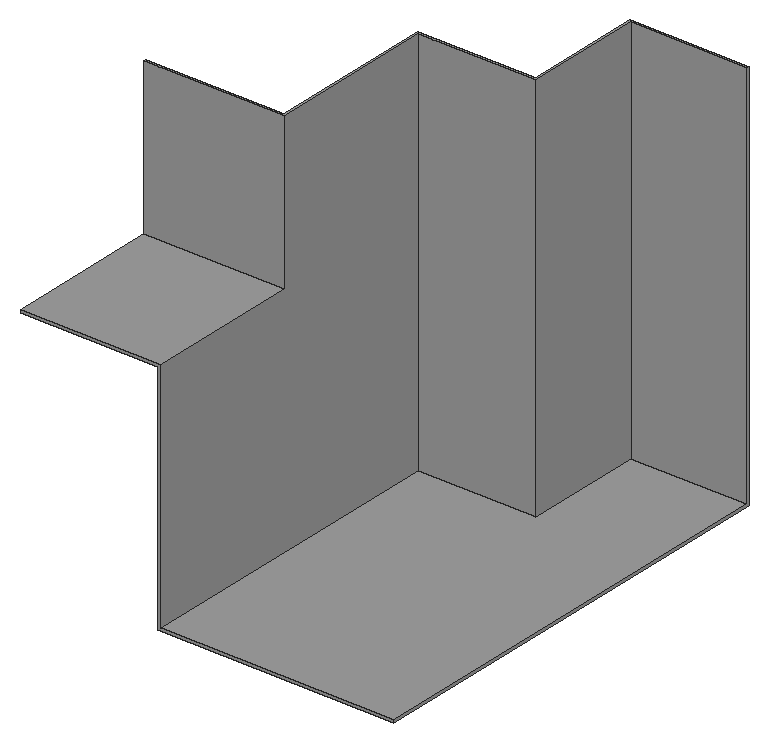
Revit family "Flashing_Preformed_Hyload_WindowSeal", category Generic Models, Revit 2014
Parameters (values of type "As Specified")
  Upper Height = 0' - 4"
  Unit Width = 1' - 0"
  Unit Height = 0' - 4"
  Unit Depth = 0' - 6"
  URL = "http://www.hyload.com/"
  Thickness = 0' - 0 1/16"
  Specification = "http://www.arcat.com/sdspecs/htm04/07_65_00hyl.htm"
  Sales Information = "http://www.hyload.com/contact-us"
  Revision = "R1_12-2015"
  Product Properties = "http://www.hyload.com/masonry-flashing/preformed-shapes/"
  Product Data = "http://www.arcat.com/arcatcos/cos33/arc33176.html"
  Model = "Window Seal"
  Manufacturer Website = "http://www.hyload.com/"
  Manufacturer Phone - Toll Free = "800-457-4056"
  Manufacturer Phone = "330-769-3546"
  Manufacturer Fax = "330-769-4153"
  Manufacturer Address = "5020 Panther Pkwy., Seville, OH 44273"
  Manufacturer = "Hyload"
  Lower Height = 0' - 6"
  Keynote = "07 65 00"
  Flashing Material = Hyload Flashing Membrane - Grey
  Drawn By = "Robert S. Weygant / Sumex Design"
  Description = "Preformed Hyload Masonry Flashing - Window Seal"
  Copyright = "(c) ARCAT, Inc, 2015"
  Construction Details = "http://www.arcat.com/details/hyload/hyload.html?coid=33176"
  Assembly Code = "B3010400"
Reference planes (in)
  plane 1 "Center (Front/Back)": y = 0
  plane 2: z = 0
  plane 3 "Center (Left/Right)": x = 0
  plane 4: y = 7.25
  plane 5: x = 6
  plane 6 "WinPlane": z = 6
  plane 7: x = 22
  plane 8: y = -4
  plane 9: x = 3
  plane 10: y = 4.25
  plane 11: z = 10
  plane 12: x = -3.5
Forms (in)
  Extrusion 1, solid, material "Hyload Flashing Membrane - Grey" <- "Flashing Material"
    sketch origin (0, 0, 0) x (1, 0, 0) y (0, 1, 0)
      loop
        line (6, 7.25) -> (3, 7.25) -> (3, 4.25) -> (0, 4.25) -> (0, -4) -> (6, -4) -> (6, 7.25)
    from 0 to 0.0625 <- "Thickness"
  Extrusion 2, solid, material "Hyload Flashing Membrane - Grey" <- "Flashing Material"
    sketch origin (0, 0, 0) x (1, 0, 0) y (0, 1, 0)
      loop
        line (6, 7.25) -> (3, 7.25) -> (3, 4.25) -> (0, 4.25) -> (0, -4) -> (0.0625, -4) -> (0.0625, 4.1875) -> (3.0625, 4.1875) -> (3.0625, 7.1875) -> (6, 7.1875) -> (6, 7.25)
    from 0 to 6
  Extrusion 3, solid, material "Hyload Flashing Membrane - Grey" <- "Flashing Material"
    sketch origin (0, 0, 6) x (-1, 0, 0) y (0, -1, 0)
      loop
        line (3.5, 0) -> (3.5, 4) -> (-0.0625, 4) -> (-0.0625, 0) -> (3.5, 0)
    from 0 to 0.0625 <- "Thickness"
  Extrusion 4, solid, material "Hyload Flashing Membrane - Grey" <- "Flashing Material"
    sketch origin (0, 0, 6) x (-1, 0, 0) y (0, -1, 0)
      loop
        line (-6, -7.25) -> (-3, -7.25) -> (-3, -4.25) -> (0, -4.25) -> (0, 0) -> (3.5, 0) -> (3.5, 0.0625) -> (-0.0625, 0.0625) -> (-0.0625, -4.1875) -> (-3.0625, -4.1875) -> (-3.0625, -7.1875) -> (-6, -7.1875) -> (-6, -7.25)
    from 0 to 4 <- "Upper Height"
Cuts and joins
  joined: Extrusion 1, Extrusion 2, Extrusion 3, Extrusion 4
Dimensions and locks (in)
  "Lower Height": plane 6 "WinPlane" to level
  locked: plane 4 to plane 8 at 11.25
  plane 8 to plane 1 "Center (Front/Back)" = 0' - 4"
  plane 1 "Center (Front/Back)" to plane 10 = 0' - 4 1/4"
  locked: plane 3 "Center (Left/Right)" to plane 9 at 3
  "Thickness": plane 3 "Center (Left/Right)" to Extrusion 2 sketch curve
  "Thickness": plane 10 to Extrusion 2 sketch curve
  "Thickness": plane 9 to Extrusion 2 sketch curve
  "Thickness": plane 4 to Extrusion 2 sketch curve
  "Upper Height": plane 11 to plane 6 "WinPlane"
  plane 12 to plane 3 "Center (Left/Right)" = 0' - 3 1/2"
  "Thickness": Extrusion 4 sketch curve to plane 1 "Center (Front/Back)"
  "Thickness": plane 3 "Center (Left/Right)" to Extrusion 4 sketch curve
  "Thickness": plane 10 to Extrusion 4 sketch curve
  "Thickness": plane 9 to Extrusion 4 sketch curve
  "Thickness": plane 4 to Extrusion 4 sketch curve
  aligned and locked: plane 2 to level
  aligned and locked: plane 4 to Extrusion 1 sketch curve
  aligned and locked: plane 9 to Extrusion 1 sketch curve
  aligned and locked: Extrusion 1 sketch curve to plane 8
  aligned and locked: Extrusion 1 sketch curve to plane 3 "Center (Left/Right)"
  aligned and locked: plane 10 to Extrusion 1 sketch curve
  aligned and locked: Extrusion 2 sketch curve to plane 3 "Center (Left/Right)"
  aligned and locked: plane 10 to Extrusion 2 sketch curve
  aligned and locked: plane 9 to Extrusion 2 sketch curve
  aligned and locked: plane 4 to Extrusion 2 sketch curve
  aligned and locked: plane 5 to Extrusion 2 sketch curve
  aligned and locked: Extrusion 2 sketch curve to plane 8
  aligned and locked: plane 6 "WinPlane" to Extrusion 2
  aligned and locked: plane 1 "Center (Front/Back)" to Extrusion 3 sketch curve
  aligned and locked: plane 12 to Extrusion 3 sketch curve
  aligned and locked: Extrusion 3 sketch curve to Extrusion 1
  aligned and locked: plane 5 to Extrusion 4 sketch curve
  aligned and locked: plane 4 to Extrusion 4 sketch curve
  aligned and locked: plane 9 to Extrusion 4 sketch curve
  aligned and locked: plane 10 to Extrusion 4 sketch curve
  aligned and locked: Extrusion 4 sketch curve to plane 3 "Center (Left/Right)"
  aligned and locked: Extrusion 4 sketch curve to plane 1 "Center (Front/Back)"
  aligned and locked: Extrusion 4 sketch curve to plane 12
  aligned and locked: Extrusion 3 sketch curve to Extrusion 2
Automatic sketch dimensions
  Extrusion 1 sketch curve to plane 5 = 0' - 0"
